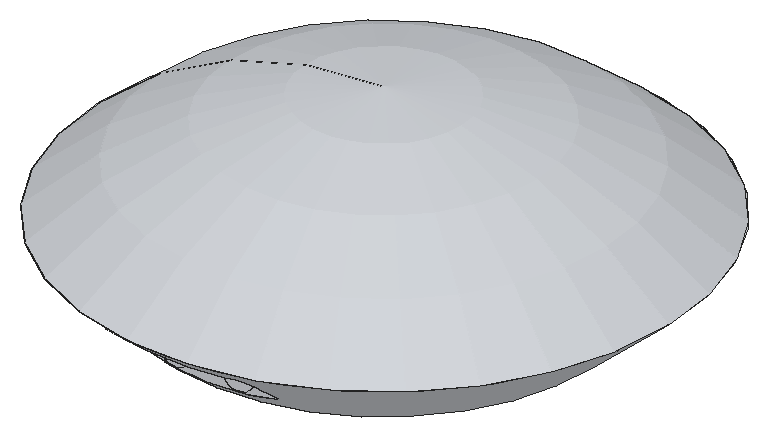
Revit family "0049010 Sylvania Lighting Fixture Start Surface IP66 1450lm 830 EM IK10 BLK", category Lighting Fixtures, host Face, Revit 2016
Family settings
  Host = Face
  Part Type = Normal
  Round Connector Dimension = Use Diameter
  OmniClass Number = 23.80.70.00
  OmniClass Title = Lighting
  Cut with Voids When Loaded = No
  Light Source = Yes
  Shared = No
  Room Calculation Point = No
Parameters (values of type "Type Name")
  power entry width = 90 mm
  power entry height = 28 mm
  power connector height = 12.5 mm
  power connector centres = 39 mm
  height = 110 mm
  connector position 2 = 40 mm
  connector length = 2 mm
  base height = 40 mm
  backplate diameter = 256 mm
  Weight = ""
  Wattage Comments = ""
  Wattage = 9.2903 W
  WarrantyStartDate [instance] = "n/a"
  WarrantyGuarantorParts = "n/a"
  WarrantyDurationUnit = "n/a"
  WarrantyDurationParts = "n/a"
  WarrantyDescription = "n/a"
  built-in parameter 1150110 = 1 (stored number, unit not read)
  Voltage = 0 V
  URL = "http://www.feilosylvania.com"
  TypeName = ""
  Type Image = <None>
  Type Comments = "n/a"
  Tube Diameter = 80 mm
  built-in parameter 1114217 = 1 (stored number, unit not read)
  Tilt Angle = 90.00°
  built-in parameter 1150109 = 1 (stored number, unit not read)
  built-in parameter 1150134 = 3
  built-in parameter 1150113 = 1 (stored number, unit not read)
  SerialNumber [instance] = "n/a"
  Photometric Web File = "0049010.ies"
  Material_3_FEILO = none
  PowerFactor = 0
  PowerConsumption = ""
  NominalLength = 0 mm
  NominalHeight = 0 mm
  NominalDepth = 0 mm
  Name = ""
  ModelReference = Name  # ""
  ModelNumber = ""
  Model = Name  # ""
  Material = ""
  ManufacturerName = "Feilo Sylvania"
  Manufacturer = "Feilo Sylvania"
  LuminousEfficacy = ""
  built-in parameter 1150105 = 109.82 (stored number, unit not read)
  Lumens = 1380 lm
  LuminaireType = ""
  built-in parameter 1150115 = 1 (stored number, unit not read)
  LightOutputRatio = ""
  built-in parameter 1150137 = (empty or 0)
  built-in parameter 1150139 = (empty or 0)
  LampsType = Lamp  # ""
  LampNominalLuminous = ""
  LampMacAdamStep = ""
  LampColourTemperature = ""
  LampColourRenderingIndex = ""
  built-in parameter 1150112 = 1 (stored number, unit not read)
  built-in parameter 1150114 = 1 (stored number, unit not read)
  Lamp = ""
  Keynote = "16500"
  InstallationDate [instance] = "n/a"
  InputVoltage = ""
  InputNominalFrequency = ""
  built-in parameter 1150132 = (empty or 0)
  built-in parameter 1150102 = (empty or 0)
  built-in parameter 1150107 = 3200 (stored number, unit not read)
  built-in parameter 1150138 = (empty or 0)
  IngressProtection = ""
  ImpactProtectionIndex = ""
  built-in parameter 1150106 = 1.0982 (stored number, unit not read)
  IfcExportType = "IfcLightFixtureType"
  IfcExportAs = "IfcLightFixtureType"
  Height = 250 mm
  ExpectedLife = 50000
  Emit from Circle Diameter = 609.6 mm
  Emit Shape Visible in Rendering = no
  ElectricShockClassification = ""
  built-in parameter 1150104 = 13.8 (stored number, unit not read)
  DurationUnit = "hours"
  DocumentationLiterature = ""
  DimmingControlOptions = ""
  Material_2_FEILO = none
  Dimming Lamp Color Temperature Shift = <None>
  Diameter = 350 mm
  Description = ""
  Default Elevation = 1219.2 mm
  CreatedOn = ""
  CreatedBy = ""
  Cost = 0
  Color Filter = 16777215
  built-in parameter 1114216 [instance] = (empty or 0)
  ClassificationValue = "EF_70_80"
  ClassificationName = "Uniclass2015"
  Material_1_FEILO = none
  BarCode [instance] = "n/a"
  built-in parameter 1114218 = 1 (stored number, unit not read)
  built-in parameter 1150133 = 10 (stored number, unit not read)
  AssetType = ""
  AssetIdentifier [instance] = "n/a"
  Assembly Code = "D5020200"
  Apparent Load = 0 VA
  Material_4_FEILO = none
Reference planes
  plane 1 "Center (Front/Back)": y = 0
  plane 2: z = 0
  plane 3 "Center (Left/Right)": x = 0
  plane 4: z = 0
  plane 5: y = 128
  plane 6: y = -128
  plane 7: y = 175
  plane 8: y = -175
  plane 9: z = 40
  plane 10: z = 110
  plane 11: x = -45.686
  plane 12: x = 44.314
  plane 13: z = 5
  plane 14: z = 33
  plane 15: y = -135
  plane 16: x = 19.5
  plane 17: x = -19.5
  plane 18: z = 20.5
  plane 19: y = -137
  plane 20: y = 135
Forms (mm)
  Blend 1, solid, detail levels medium+fine
    base sketch origin (4.2, 0, 0) x (1, 0, 0) y (0, 1, 0)
      loop
        circle (-4.2, 0) r 128
    top sketch origin (4.2, 0, 0) x (1, 0, 0) y (0, 1, 0)
      loop
        circle (-4.2, 0) r 175
    from 0 to 40
  Revolve 2, solid, detail levels medium+fine
    sketch origin (0, 0, 0) x (1, 0, 0) y (0, 0, 1)
      loop
        arc (175, 40) -> (94.148, 91.621) -> (0, 110) r 257.018
        line (0, 110) -> (0, 40) -> (175, 40)
      axis (0, 110) -> (0, 40)
    angle from -180 to 179.914
  Extrusion 3, void
    sketch origin (0, 0, 0) x (1, 0, 0) y (0, 0, 1)
      loop
        line (-45.686, 25.025) -> (-45.686, 5) -> (44.314, 5) -> (44.314, 25.025)
        arc (44.314, 25.025) -> (42.644, 30.018) -> (38.304, 33) r 8.297
        line (38.304, 33) -> (-39.676, 33)
        arc (-39.676, 33) -> (-44.015, 30.018) -> (-45.686, 25.025) r 8.297
    from 135 to 166.869
  Extrusion 4, solid, detail levels fine
    sketch origin (1524, -324.9, 1219.2) x (1, 0, 0) y (0, 0, 1)
      loop
        circle (-1504.5, -1198.7) r 11
      loop
        circle (-1543.5, -1198.7) r 11
    from -189.9 to -187.9
  Extrusion 5, void
    sketch origin (-0.686, -5.131, 0) x (-1, 0, 0) y (0, 0, 1)
      loop
        line (-45.686, 25.025) -> (-45.686, 5) -> (44.314, 5) -> (44.314, 25.025)
        arc (44.314, 25.025) -> (42.644, 30.018) -> (38.304, 33) r 8.297
        line (38.304, 33) -> (-39.676, 33)
        arc (-39.676, 33) -> (-44.015, 30.018) -> (-45.686, 25.025) r 8.297
    from 140.131 to 175.131
  Extrusion 6, solid
    sketch origin (1524, -52.9, 1219.2) x (1, 0, 0) y (0, 0, 1)
      loop
        circle (-1504.5, -1198.7) r 11
      loop
        circle (-1543.5, -1198.7) r 11
    from -189.9 to -187.9
  Extrusion 7, solid, detail levels coarse
    sketch origin (0, 1219.2, 38) x (1, 0, 0) y (0, 1, 0)
      loop
        line (175.117, -1396.13) -> (175.117, -1044.2) -> (-175, -1044.2) -> (-175, -1396.13) -> (175.117, -1396.13)
    from -38 to 72
Cuts and joins
  Extrusion 3, Extrusion 5 cuts Blend 1
  Extrusion 5 cuts Extrusion 4
Dimensions and locks
  "backplate diameter": plane 5 to plane 6
  equal spacing: plane 5, plane 1 "Center (Front/Back)", plane 6
  "Diameter": plane 7 to plane 8
  equal spacing: plane 7, plane 1 "Center (Front/Back)", plane 8
  "base height": plane 9 to level
  "height": plane 10 to host face
  "power entry width": plane 12 to plane 11
  plane 12 to imposter light to plane 11 = 44.201 mm, 45.799 mm
  "power entry height": plane 14 to plane 13
  "power connector centres": plane 17 to plane 16
  equal spacing: plane 17, plane 3 "Center (Left/Right)", plane 16
  "power connector height": plane 18 to plane 14
  "connector length": plane 15 to plane 19
  "connector position 2": plane 7 to plane 20
  aligned and locked: plane 2 to host face
  aligned and locked: level to host face
  aligned and locked: plane 10 to Extrusion 7
Automatic sketch dimensions
  host sketch curve to host sketch curve = 2438.4 mm  (x2)
  plane 1 "Center (Front/Back)" to Blend 1 sketch curve = 0 mm  (x2)
  Blend 1 sketch curve to plane 3 "Center (Left/Right)" = 0 mm  (x2)
  Revolve 2 sketch curve to plane 3 "Center (Left/Right)" = 0 mm  (x2)
  Revolve 2 sketch curve to plane 9 = 0 mm
  Revolve 2 sketch curve to plane 10 = 0 mm
  Revolve 2 sketch curve to plane 3 "Center (Left/Right)" = 1.306 mm
  plane 3 "Center (Left/Right)" to Revolve 2 sketch curve = 175 mm
  Revolve 2 sketch curve to level = 47.821 mm
  Revolve 2 sketch curve to Revolve 2 sketch curve = 80 mm
  Extrusion 3 sketch curve to plane 11 = 0 mm
  Extrusion 3 sketch curve to plane 14 = 0 mm
  Extrusion 3 sketch curve to plane 12 = 0 mm
  Extrusion 3 sketch curve to plane 13 = 0 mm
  plane 11 to Extrusion 3 sketch curve = 6.01 mm
  plane 18 to Extrusion 3 sketch curve = 4.525 mm  (x2)
  Extrusion 3 sketch curve to Extrusion 3 sketch curve = 8.297 mm
  plane 17 to Extrusion 4 sketch curve = 0 mm
  plane 16 to Extrusion 4 sketch curve = 0 mm
  Extrusion 4 sketch curve to plane 18 = 0 mm  (x2)
  Extrusion 5 sketch curve to plane 13 = 0 mm
  Extrusion 5 sketch curve to plane 14 = 0 mm
  plane 12 to Extrusion 5 sketch curve = 0.686 mm
  Extrusion 5 sketch curve to plane 12 = 5.324 mm
  plane 18 to Extrusion 5 sketch curve = 4.525 mm
  plane 11 to Extrusion 5 sketch curve = 8.982 mm
  plane 11 to Extrusion 5 sketch curve = 6.696 mm
  plane 11 to Extrusion 5 sketch curve = 0.686 mm
  plane 17 to Extrusion 6 sketch curve = 0 mm
  plane 16 to Extrusion 6 sketch curve = 0 mm
  Extrusion 6 sketch curve to plane 18 = 0 mm  (x2)
  Extrusion 7 sketch curve to plane 8 = 1.93 mm
  Extrusion 7 sketch curve to plane 11 = 129.314 mm
  plane 12 to Extrusion 7 sketch curve = 130.802 mm
  plane 5 to Extrusion 7 sketch curve = 47 mm
  radius of Blend 1 sketch curve = 128 mm
  radius of Blend 1 sketch curve = 175 mm
  radius of Extrusion 4 sketch curve = 11 mm  (x2)
  radius of Extrusion 6 sketch curve = 11 mm  (x2)
Connectors
  electrical at (19.5, 137, 20.5)
    settings: on Extrusion 6, index 1, voltage 0 V, apparent load 0 VA, apparent load phase1 0 VA, apparent load phase2 0 VA, apparent load phase3 0 VA, power factor 1, load classification "Other", number of poles 1, system type 31, power factor state 1, is connector primary yes, connector utility no, sub classification motor no, connector description ""
